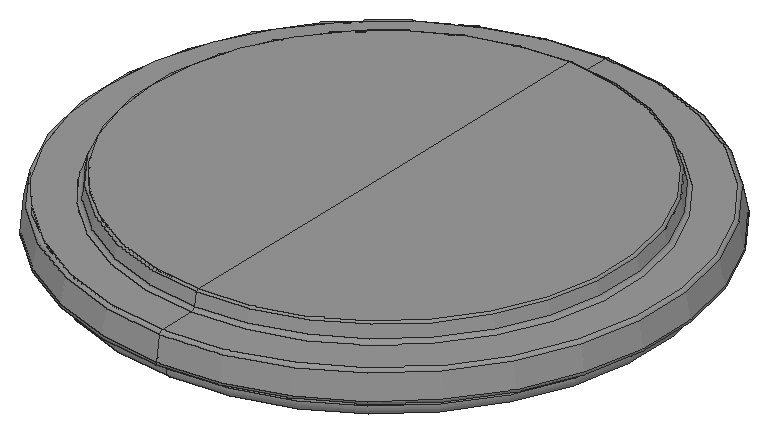
Revit family "FMK13_63_UN_Surface-mounted_ETK", category Lighting Fixtures, Revit 2017 (continued)
Definition of nested family "FMK.1 - Lightsource"
  Types (13, lengths in mm): name | Wattage Comments | Photometric Web File | built-in parameter 1150142 | Apparent Load
      557\r\n575.8245\t567.7807\t558.671\t549.5453\t540.3689\t531.5285\t520.6203\t507.6479\t495.0358\t482.4103\r\n469.7659\t456.1023\t439.9856\t424.2655\t408.544\t392.8333\t376.1554\t357.0502\t338.3348\t319.6294\r\n300.9487\t282.2854\t263.6386\t245.0208\t226.416\t229.2017\t45.4684\t0\t0\t0\r\n0\t0\t0\t0\t0\t0\r\n604.9325\t604.7632\t604.6362\t603.7203\t602.0082\t600.4147\t595.7247\t590.7676\t585.7629\t580.6861\r\n575.9058\t567.6035\t558.5877\t549.4888\t540.4293\t531.726\t520.0768\t507.5\t494.9689\t482.4273\r\n470.2375\t455.5327\t439.9057\t424.245\t408.5773\t393.285\t375.5117\t356.8122\t338.1263\t319.4596\r\n300.8082\t282.1736\t263.5683\t244.9667\t226.3809\t226.4495\t32.7256\t0\t0\t0\r\n0\t0\t0\t0\t0\t0\r\n604.9325\t604.7494\t604.6192\t603.7068\t602.0019\t600.4017\t595.6636\t590.7204\t585.7555\t580.7574\r\n576.0386\t567.5341\t558.5281\t549.5331\t540.4448\t531.678\t519.8299\t507.4404\t494.966\t482.469\r\n470.2994\t455.3393\t439.7438\t424.1484\t408.56\t393.3021\t375.2679\t356.5942\t337.9405\t319.3018\r\n300.6755\t282.0607\t263.4482\t244.854\t226.2716\t222.8477\t22.725\t0\t0\t0\r\n0\t0\t0\t0\t0\t0\r\n604.9325\t604.7357\t604.5967\t603.684\t601.9814\t600.3699\t595.5908\t590.662\t585.7282\t580.7774\r\n576.0465\t567.4397\t558.4879\t549.5241\t540.5844\t531.8864\t519.8198\t507.3101\t494.8808\t482.4693\r\n470.3215\t455.1606\t439.6097\t424.0629\t408.5175\t393.228\t374.9972\t356.3573\t337.7329\t319.1159\r\n300.506\t281.8988\t263.2952\t244.6981\t226.1219\t218.8981\t15.0099\t0\t0\t0\r\n0\t0\t0\t0\t0\t0\r\n604.9325\t604.7223\t604.5686\t603.6521\t601.9545\t600.3064\t595.5102\t590.5972\t585.6714\t580.7393\r\n575.9875\t567.2954\t558.3889\t549.4772\t540.5512\t531.8001\t519.6428\t507.2546\t494.8661\t482.4548\r\n470.231\t454.9664\t439.4613\t423.9574\t408.44\t393.1071\t374.7393\t356.1186\t337.5193\t318.9114\r\n300.3051\t281.7155\t263.1204\t244.529\t225.9498\t215.0686\t9.2037\t0\t0\t0\r\n0\t0\t0\t0\t0\t0\r\n604.9325\t604.7094\t604.4862\t603.611\t601.9186\t600.2519\t595.4135\t590.5198\t585.6158\t580.6958\r\n575.8642\t567.1097\t558.241\t549.3869\t540.4953\t531.7019\t519.4694\t507.1191\t494.7328\t482.3628\r\n470.0882\t454.7379\t439.2614\t423.776\t408.2999\t392.9255\t374.4478\t355.8537\t337.2496\t318.6474\r\n300.0597\t281.4641\t262.8684\t244.288\t225.7094\t211.6358\t4.9997\t0\t0\t0\r\n0\t0\t0\t0\t0\t0\r\n604.9325\t604.6969\t604.4556\t603.5192\t601.874\t600.1956\t595.3363\t590.449\t585.5548\t580.6541\r\n575.7996\t566.9991\t558.1327\t549.2735\t540.42\t531.6019\t519.2964\t506.9413\t494.5886\t482.2445\r\n469.9877\t454.5785\t439.0952\t423.6214\t408.1442\t392.7183\t374.1807\t355.5769\t336.9856\t318.3868\r\n299.7943\t281.203\t262.6158\t244.0278\t225.4394\t208.9068\t2.165\t0\t0\t0\r\n0\t0\t0\t0\t0\t0\r\n604.9325\t604.6847\t604.4274\t603.4735\t601.8037\t600.1361\t595.2676\t590.3811\t585.4992\t580.6088\r\n575.7401\t566.912\t558.0725\t549.2441\t540.4033\t531.587\t519.2191\t506.851\t494.4843\t482.1068\r\n469.7562\t454.3202\t438.8773\t423.4266\t407.9715\t392.5332\t373.932\t355.3289\t336.7255\t318.1135\r\n299.5116\t280.9116\t262.2998\t243.7\t225.1013\t207.0147\t0.5323\t0\t0\t0\r\n0\t0\t0\t0\t0\t0\r\n604.9325\t604.6729\t604.4014\t603.4335\t601.7575\t600.0816\t595.2071\t590.3206\t585.446\t580.5597\r\n575.685\t566.8329\t557.9807\t549.1285\t540.2764\t531.4242\t519.0431\t506.6501\t494.257\t481.8758\r\n469.4829\t454.0447\t438.6064\t423.1684\t407.7302\t392.292\t373.6789\t355.054\t336.4408\t317.8278\r\n299.2028\t280.5896\t261.9646\t243.3516\t224.7385\t206.1135\t0\t0\t0\t0\r\n0\t0\t0\t0\t0\t0\r\n604.9325\t604.6616\t604.378\t603.3995\t601.715\t600.0296\t595.1546\t590.2669\t585.4105\t580.5216\r\n575.6582\t566.7631\t557.8634\t548.9492\t540.0325\t531.1387\t518.7759\t506.3999\t494.0246\t481.6485\r\n469.2857\t453.8306\t438.3655\t422.898\t407.4405\t391.9924\t373.3723\t354.7354\t336.1017\t317.4682\r\n298.8328\t280.1999\t261.5672\t242.9339\t224.3137\t206.2036\t0.5301\t0\t0\t0\r\n0\t0\t0\t0\t0\t0\r\n604.9325\t604.6507\t604.3569\t603.3713\t601.698\t599.9887\t595.1169\t590.2224\t585.3231\t580.4075\r\n575.5369\t566.6425\t557.7033\t548.7862\t539.8612\t531.0007\t518.6409\t506.2128\t493.7948\t481.377\r\n469.0121\t453.5886\t438.1005\t422.6195\t407.1375\t391.7061\t373.1018\t354.4428\t335.7831\t317.1238\r\n298.4689\t279.8011\t261.1531\t242.4973\t223.8535\t207.2464\t2.1476\t0\t0\t0\r\n0\t0\t0\t0\t0\t0\r\n604.9325\t604.6403\t604.3383\t603.3781\t601.6534\t599.9308\t595.0598\t590.1302\t585.1637\t580.2052\r\n575.3271\t566.4956\t557.5561\t548.6172\t539.6572\t530.7955\t518.4879\t506.047\t493.6358\t481.2019\r\n468.8827\t453.4616\t437.9077\t422.358\t406.814\t391.4091\t372.8458\t354.1519\t335.4575\t316.7768\r\n298.0863\t279.3995\t260.7148\t242.0356\t223.3535\t209.1392\t4.9398\t0\t0\t0\r\n0\t0\t0\t0\t0\t0\r\n604.9325\t604.6305\t604.3542\t603.3499\t601.5992\t599.8648\t594.9909\t590.0066\t585.0197\t580.0279\r\n575.213\t566.4149\t557.4183\t548.4139\t539.4142\t530.599\t518.354\t505.8662\t493.3253\t480.7725\r\n468.4051\t453.0753\t437.5235\t421.9622\t406.3959\t391.0178\t372.5245\t353.7887\t335.0458\t316.3216\r\n297.6139\t278.9143\t260.2218\t241.5236\t222.8419\t211.7307\t9.0584\t0\t0\t0\r\n0\t0\t0\t0\t0\t0\r\n604.9325\t604.6209\t604.3361\t603.3171\t601.5361\t599.79\t594.9273\t589.9054\t584.8898\t579.8507\r\n575.019\t566.2793\t557.2303\t548.1795\t539.1485\t530.3832\t518.1958\t505.5947\t492.998\t480.4038\r\n468.0549\t452.8183\t437.1902\t421.5538\t405.9366\t390.617\t372.2595\t353.4868\t334.7152\t315.9418\r\n297.1676\t278.4178\t259.6912\t240.9653\t222.2487\t214.6609\t14.7139\t0\t0\t0\r\n0\t0\t0\t0\t0\t0\r\n604.9325\t604.6121\t604.3154\t603.2796\t601.4588\t599.7057\t594.8651\t589.8096\t584.7389\t579.6112\r\n574.75\t566.1333\t557.0381\t547.9336\t538.8114\t530.0323\t517.9997\t505.3262\t492.6666\t480.0139\r\n467.6665\t452.5996\t436.9052\t421.1918\t405.4901\t390.1168\t371.9317\t353.1249\t334.3088\t315.5017\r\n296.703\t277.9087\t259.137\t240.3756\t221.641\t217.6606\t22.1831\t0\t0\t0\r\n0\t0\t0\t0\t0\t0\r\n604.9325\t604.6037\t604.2923\t603.2379\t601.3832\t599.6112\t594.7992\t589.7156\t584.578\t579.3507\r\n574.4365\t565.9847\t556.8299\t547.6569\t538.4624\t529.6436\t517.8379\t505.1383\t492.3998\t479.655\r\n467.2301\t452.3504\t436.5478\t420.7758\t404.9991\t389.6016\t371.6468\t352.7568\t333.902\t315.0466\r\n296.2052\t277.3808\t258.5638\t239.7718\t220.9966\t220.3335\t31.8157\t0\t0\t0\r\n0\t0\t0\t0\t0\t0\r\n604.9325\t604.6264\t604.2668\t603.184\t601.3042\t599.4921\t594.7631\t589.6316\t584.4014\t579.0674\r\n574.1164\t565.8696\t556.6558\t547.4143\t538.1213\t529.2802\t518.2321\t504.9902\t492.1\t479.1502\r\n466.2748\t452.4704\t436.2345\t420.3688\t404.5102\t388.6462\t371.7795\t352.4387\t333.5044\t314.5978\r\n295.7023\t276.8281\t257.9759\t239.1444\t220.3439\t222.1659\t44.019\t0\t0\t0\r\n0\t0\t0\t0\t0\t0\r\n604.9325\t604.6175\t604.2388\t603.1377\t601.2227\t599.393\t594.7597\t589.541\t584.2109\t578.7911\r\n573.7778\t565.8354\t556.5099\t547.1431\t537.7767\t528.4261\t518.0929\t504.6371\t491.6852\t478.7549\r\n465.7705\t452.2449\t435.9539\t419.9514\t403.9894\t388.026\t371.4783\t352.1406\t333.1278\t314.1432\r\n295.1638\t276.2281\t257.3335\t238.4602\t219.6336\t222.5815\t59.2795\t0\t0\t0\r\n0\t0\t0\t0\t0\t0\r\n604.9325\t604.6083\t604.2087\t603.0905\t601.1334\t599.2948\t594.7477\t589.4485\t584.0313\t578.5186\r\n572.9709\t566.2131\t556.303\t546.8736\t537.408\t527.7959\t517.755\t504.4878\t491.4077\t478.3154\r\n465.1946\t451.8663\t435.6497\t419.562\t403.4723\t387.3853\t371.0707\t351.7829\t332.7135\t313.6759\r\n294.6564\t275.6527\t256.6917\t237.7765\t218.8904\t200.0404\t123.0458\t0\t0\t0\r\n0\t0\t0\t0\t0\t0\r\n604.9325\t604.5984\t604.1762\t603.0423\t601.0563\t599.2079\t594.7406\t589.3635\t583.8557\t578.2878\r\n572.5598\t565.9939\t556.1202\t546.5996\t536.9675\t527.333\t517.5303\t504.2723\t491.0942\t477.8523\r\n464.6219\t451.4545\t435.3539\t419.1162\t402.8873\t386.7138\t370.6427\t351.5167\t332.3327\t313.2127\r\n294.1056\t275.0485\t256.0207\t237.0535\t218.1327\t199.2528\t141.3756\t0\t0\t0\r\n0\t0\t0\t0\t0\t0\r\n604.9325\t604.5881\t604.1345\t602.9934\t600.9831\t599.0881\t595.1231\t589.2797\t583.702\t578.0092\r\n572.086\t565.7444\t556.0207\t546.3512\t536.6207\t526.7829\t517.1153\t504.1266\t490.752\t477.3913\r\n464.0075\t450.8707\t435.0141\t418.6634\t402.3572\t386.0323\t370.0481\t351.2415\t331.9591\t312.7263\r\n293.5436\t274.4063\t255.3393\t236.3172\t217.3562\t198.4472\t158.4187\t0\t0\t0\r\n0\t0\t0\t0\t0\t0\r\n604.9325\t604.5773\t604.0991\t602.9455\t600.914\t598.9484\t595.1202\t589.2174\t583.57\t577.6864\r\n571.6185\t565.5197\t555.9396\t546.1367\t536.2215\t526.2616\t516.5963\t503.9155\t490.4617\t476.9917\r\n463.3929\t449.7242\t435.1403\t418.2976\t401.8163\t385.3234\t369.2577\t350.95\t331.5721\t312.2532\r\n292.976\t273.7597\t254.6188\t235.5561\t216.5474\t197.6093\t173.3203\t0\t0\t0\r\n0\t0\t0\t0\t0\t0\r\n604.9325\t604.5662\t604.0625\t602.8947\t600.8579\t598.4107\t595.0932\t589.1837\t583.4111\t577.3865\r\n571.207\t565.2785\t555.8452\t545.8987\t535.8506\t525.6906\t515.4472\t504.2643\t490.2873\t476.512\r\n462.7778\t449.0181\t434.7872\t417.8293\t401.2088\t384.6206\t368.038\t350.9748\t331.1759\t311.7626\r\n292.4418\t273.1465\t253.9196\t234.7779\t215.7009\t196.7075\t185.101\t0\t0\t0\r\n0\t0\t0\t0\t0\t0\r\n604.9325\t604.5549\t604.0248\t602.8422\t600.8896\t598.2527\t595.0586\t589.1516\t583.2471\t577.0978\r\n570.8578\t564.8371\t555.7919\t545.6803\t535.468\t525.155\t514.7861\t504.1101\t489.9894\t476.136\r\n462.2219\t448.1506\t434.1791\t417.5062\t400.72\t383.9073\t367.1567\t350.4871\t330.8814\t311.3368\r\n291.8725\t272.4841\t253.2081\t233.9971\t214.874\t195.8381\t192.7191\t15.9245\t0\t0\r\n0\t0\t0\t0\t0\t0\r\n604.9325\t604.5433\t603.986\t602.788\t600.8165\t598.0928\t595.0063\t589.1287\t583.1052\t576.8495\r\n570.464\t563.8318\t556.1539\t545.496\t535.1406\t524.6786\t514.145\t503.5885\t489.837\t475.7861\r\n461.5507\t447.3989\t433.5293\t417.1738\t400.1728\t383.2561\t366.3482\t349.7603\t330.57\t310.9182\r\n291.3454\t271.8635\t252.4808\t233.2119\t214.0328\t194.9634\t195.026\t38.2765\t0\t0\r\n0\t0\t0\t0\t0\t0\r\n604.9325\t604.5317\t603.9462\t602.73\t600.7396\t597.9295\t594.9348\t589.1201\t582.9764\t576.6315\r\n570.0584\t563.2569\t555.9179\t545.3696\t534.8625\t524.2132\t513.4217\t502.9356\t489.7305\t475.3691\r\n461.0709\t446.6983\t432.2196\t417.1769\t399.7761\t382.6479\t365.546\t348.499\t330.6306\t310.5168\r\n290.8325\t271.2253\t251.7671\t232.4223\t213.1813\t194.0621\t175.0452\t106.4478\t0\t0\r\n0\t0\t0\t0\t0\t0\r\n604.9325\t604.5199\t603.9051\t602.6751\t600.6596\t597.7729\t594.8273\t589.1277\t582.8766\t576.4068\r\n569.6829\t562.6314\t555.6053\t545.3093\t534.5655\t523.7745\t512.7601\t501.66\t489.8704\t475.1468\r\n460.6236\t445.9779\t431.3323\t416.721\t399.3955\t382.1115\t364.7839\t347.5098\t330.1901\t310.1235\r\n290.373\t270.6834\t251.0985\t231.6345\t212.2907\t193.1322\t174.086\t133.5693\t0\t0\r\n0\t0\t0\t0\t0\t0\r\n604.9325\t604.5079\t603.8631\t602.6134\t600.5749\t597.6205\t594.6841\t589.1533\t582.7971\t576.198\r\n569.2975\t562.0743\t555.1412\t545.1747\t534.4\t523.3501\t512.1459\t500.742\t489.4278\t474.9764\r\n460.2072\t445.3919\t430.5375\t415.931\t399.1573\t381.5414\t364.0205\t346.5679\t329.4978\t309.9127\r\n289.9228\t270.0565\t250.3956\t230.8425\t211.4094\t192.1749\t173.1081\t154.025\t0\t0\r\n0\t0\t0\t0\t0\t0\r\n604.9325\t604.4961\t603.8272\t602.5488\t600.4863\t597.4731\t594.506\t589.5741\t582.7439\t576.0162\r\n568.8821\t561.5908\t554.0037\t545.51\t534.2308\t522.9763\t511.5426\t499.9542\t488.6592\t475.3061\r\n459.9308\t444.8951\t429.7989\t414.6003\t399.0359\t381.0986\t363.3904\t345.7352\t328.131\t309.8941\r\n289.5081\t269.4864\t249.6632\t230.0436\t210.573\t191.2661\t172.1269\t166.1889\t1.0816\t0\r\n0\t0\t0\t0\t0\t0\r\n604.9325\t604.4843\t603.6876\t602.4812\t600.394\t597.3304\t593.8969\t589.5576\t582.7321\t575.8654\r\n568.5536\t561.1314\t553.1982\t545.2937\t534.1132\t522.6889\t511.0381\t499.2227\t487.2464\t475.0385\r\n459.7619\t444.4779\t429.0445\t413.5582\t398.4204\t380.7318\t362.7844\t344.8834\t327.0801\t309.3293\r\n289.0741\t268.9893\t249.0266\t229.2819\t209.6976\t190.315\t171.1479\t152.1609\t24.9516\t0\r\n0\t0\t0\t0\t0\t0\r\n604.9325\t604.4729\t603.6423\t602.4109\t600.2969\t597.1958\t593.6426\t589.4592\t582.742\t575.7081\r\n568.317\t560.6659\t552.5479\t544.712\t534.4903\t522.4719\t510.5985\t498.545\t486.3296\t474.3497\r\n459.6837\t444.0747\t428.3777\t412.7844\t396.9567\t380.7411\t362.297\t344.1678\t326.043\t308.3826\r\n288.7651\t268.5059\t248.3888\t228.5046\t208.8423\t189.3996\t170.1602\t151.1308\t92.5537\t0\r\n0\t0\t0\t0\t0\t0\r\n604.9325\t604.4616\t603.597\t602.3379\t600.1979\t597.1739\t593.3818\t589.3226\t582.7813\t575.5444\r\n568.0981\t560.1654\t552.0133\t543.4448\t534.3842\t522.3157\t510.2443\t497.9469\t485.4798\t472.8858\r\n459.8258\t443.7838\t427.9923\t411.939\t395.91\t380.1029\t361.9131\t343.5007\t325.0806\t306.9089\r\n288.6458\t268.0404\t247.8084\t227.7882\t207.9796\t188.4441\t169.1623\t150.1435\t122.6663\t0\r\n0\t0\t0\t0\t0\t0\r\n604.9325\t604.4506\t603.5522\t602.2627\t600.0956\t597.0523\t593.1349\t589.1244\t583.2394\t575.4851\r\n567.9307\t559.7776\t551.4227\t542.6122\t533.9082\t522.2819\t509.9837\t497.4537\t484.7479\t471.794\r\n458.998\t443.7995\t427.5727\t411.2769\t395.0097\t378.6622\t361.8948\t342.8143\t324.3217\t305.8143\r\n287.7492\t267.7007\t247.2224\t227.0748\t207.166\t187.5405\t168.1922\t149.124\t140.1567\t0\r\n0\t0\t0\t0\t0\t0\r\n604.9325\t604.4294\t603.5077\t602.188\t599.9899\t596.9477\t592.9016\t588.8633\t583.2147\t575.5207\r\n567.7723\t559.5045\t550.8897\t541.9416\t532.6043\t522.5965\t509.811\t497.0659\t484.0541\t470.8107\r\n457.4164\t443.8914\t427.3242\t410.8155\t394.1966\t377.5624\t360.9355\t342.52\t323.6112\t304.8648\r\n286.202\t267.5492\t246.7533\t226.4008\t206.3734\t186.6561\t167.2312\t148.1077\t129.2845\t10.3334\r\n0\t0\t0\t0\t0\t0\r\n604.9325\t604.4195\t603.4641\t602.1078\t599.8841\t596.8155\t592.6872\t588.1451\t583.0235\t575.5845\r\n567.6119\t559.2557\t550.4062\t541.2976\t531.6992\t522.0661\t509.7806\t496.7878\t483.4998\t469.9516\r\n456.3571\t442.8221\t427.6855\t410.4734\t393.5939\t376.5252\t359.5309\t342.4013\t323.0592\t303.9192\r\n285.0445\t266.5724\t246.3282\t225.8347\t205.6391\t185.7617\t166.2891\t147.1457\t128.3049\t73.2475\r\n0\t0\t0\t0\t0\t0\r\n604.9325\t604.4101\t603.4214\t602.025\t599.771\t596.6739\t592.5032\t587.8231\t582.7805\t576.0783\r\n567.5599\t559.0563\t550.0333\t540.6899\t530.8794\t520.6834\t510.0048\t496.6168\t483.0748\t469.3201\r\n455.372\t441.1597\t427.0718\t410.38\t393.176\t375.718\t358.337\t341.0191\t322.5628\t303.171\r\n283.9792\t265.0216\t246.1697\t225.2875\t204.9367\t184.9616\t165.3515\t146.1494\t127.3133\t105.7337\r\n0\t0\t0\t0\t0\t0\r\n604.9325\t604.4017\t603.38\t601.9397\t599.6438\t596.5227\t592.438\t587.5329\t582.44\t576.0734\r\n567.5935\t558.9207\t549.7995\t540.1888\t530.1658\t519.7126\t509.2645\t496.9894\t482.7879\t468.8702\r\n454.5035\t440.0377\t425.3993\t410.6674\t392.8017\t375.0463\t357.3334\t339.6053\t322.0947\t302.6399\r\n283.1155\t263.9142\t244.8482\t224.8765\t204.317\t184.1413\t164.4613\t145.2101\t126.3651\t119.2436\r\n0\t0\t0\t0\t0\t0\r\n604.9325\t604.3939\t603.34\t601.8519\t599.5255\t596.3623\t592.2631\t587.2532\t581.656\t575.8791\r\n568.1003\t558.8511\t549.6123\t539.7808\t529.5521\t518.8501\t507.7503\t496.4831\t482.7274\t468.533\r\n453.9048\t439.1525\t424.1626\t408.9232\t392.9664\t374.5938\t356.5292\t338.4935\t320.5128\t302.3863\r\n282.5686\t262.8995\t243.5418\t224.4753\t203.7722\t183.4746\t163.6292\t144.2566\t125.3736\t106.9497\r\n11.7181\t0\t0\t0\t0\t0\r\n604.9325\t604.387\t603.3015\t601.7617\t599.4058\t596.1605\t592.0815\t586.9987\t581.2608\t575.4819\r\n568.0918\t558.8954\t549.4935\t539.4922\t529.0523\t518.1151\t506.7688\t494.941\t482.9397\t468.3432\r\n453.5373\t438.4736\t423.165\t407.4106\t391.8135\t374.7525\t356.0936\t337.6593\t319.275\t301.111\r\n282.2991\t262.0961\t242.4214\t223.0808\t203.3667\t182.8152\t162.8033\t143.344\t124.4124\t106.0038\r\n72.9351\t0\t0\t0\t0\t0\r\n604.9325\t604.622\t603.2538\t601.5672\t599.2847\t595.9962\t591.8852\t586.8698\t580.9017\t574.5928\r\n567.865\t559.4036\t549.4849\t539.3427\t528.6819\t517.5354\t505.9362\t493.8401\t481.5473\t468.5515\r\n453.4477\t437.9898\t422.2479\t406.2226\t390.0147\t373.9767\t355.942\t337.1648\t318.4738\t299.7784\r\n281.3581\t261.6264\t241.5101\t221.8103\t202.7012\t182.2804\t162.0885\t142.4934\t123.5155\t105.0904\r\n95.1456\t0\t0\t0\t0\t0\r\n604.9325\t604.6141\t603.2189\t601.4822\t599.1621\t595.8286\t591.6884\t586.6254\t580.5859\t574.1298\r\n567.4081\t559.3581\t549.5858\t539.309\t528.4379\t517.129\t505.2655\t492.9651\t480.2973\t467.2202\r\n453.6975\t437.7964\t421.7132\t405.3918\t388.8092\t372.1027\t355.5671\t337.0665\t317.922\t298.752\r\n279.8341\t261.0628\t240.8359\t220.8089\t201.1979\t181.9596\t161.5268\t141.7433\t122.5829\t104.1327\r\n86.3071\t0\t0\t0\t0\t0\r\n604.9325\t604.6054\t603.1866\t601.4029\t599.0383\t595.6611\t591.4846\t586.3831\t580.4101\t573.7236\r\n566.4496\t559.0016\t549.9724\t539.414\t528.3623\t516.8762\t504.7922\t492.3345\t479.3339\t466.0119\r\n452.2141\t437.9358\t421.548\t404.9834\t388.0178\t370.9093\t353.6945\t336.6775\t317.7303\t298.2286\r\n278.7536\t259.4391\t240.5161\t220.1211\t200.0968\t180.6721\t161.0151\t141.0006\t121.7686\t103.2549\r\n85.4213\t45.9781\t0\t0\t0\t0\r\n604.9325\t604.5953\t603.1572\t601.3299\t598.9131\t595.4931\t591.2773\t586.136\t580.1303\t573.4509\r\n565.956\t558.0142\t549.6285\t539.8675\t528.4659\t516.7647\t504.5384\t491.8589\t478.6369\t465.0603\r\n450.9503\t436.4023\t421.7158\t404.8189\t387.5354\t370.1777\t352.5399\t334.7641\t317.2154\t298.387\r\n278.1701\t258.4364\t238.9754\t219.7559\t199.2825\t179.3658\t160.3313\t140.4532\t120.9822\t102.383\r\n84.5438\t73.5444\t0\t0\t0\t0\r\n604.9325\t604.5842\t603.1309\t601.2628\t598.7218\t595.325\t591.0663\t585.8834\t579.8535\t573.1229\r\n565.5374\t557.4249\t548.5695\t539.5105\t528.9283\t516.8665\t504.4931\t491.5872\t478.201\t464.3372\r\n449.9781\t435.1134\t420.0866\t404.7055\t387.8436\t369.7748\t351.778\t333.5676\t315.3363\t297.026\r\n278.3487\t257.9367\t237.9282\t218.2191\t198.7991\t178.3756\t158.8354\t140.0522\t120.3754\t101.6243\r\n83.73\t66.7522\t0\t0\t0\t0\r\n604.9325\t604.5719\t603.1078\t601.203\t598.6144\t595.1881\t590.8522\t585.6299\t579.5818\t572.7997\r\n565.288\t556.9376\t547.9461\t538.3631\t528.5314\t517.2694\t505.0391\t491.5939\t478.0231\t463.9186\r\n449.2926\t434.2502\t418.8317\t402.9288\t386.7615\t370.0642\t351.5529\t332.8486\t314.2291\t29
